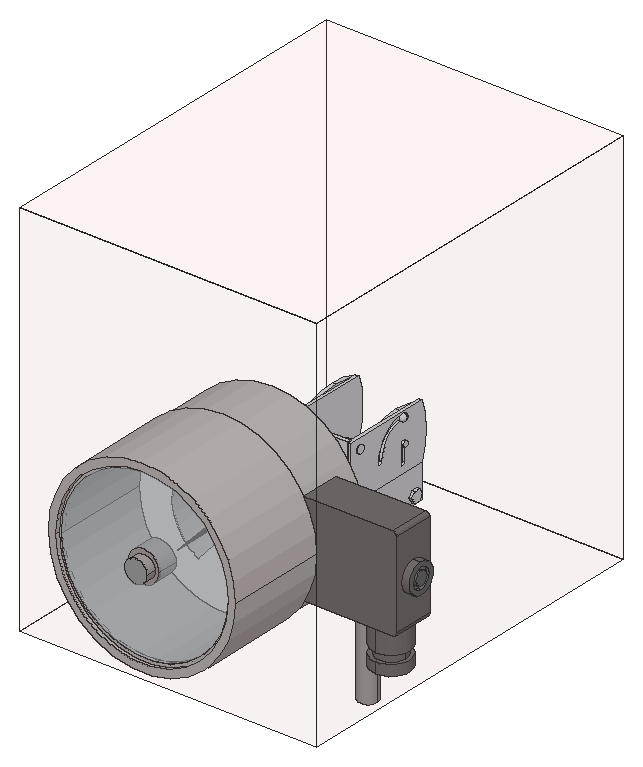
Revit family "РОСМА_ТермометрКоррозионностЭлектроконтПриставкойУниверсПрисоед", category Арматура трубопроводов, Revit 2018
Family settings
  Размер круглого соединителя = Использовать диаметр
  Тип детали = Вставляется
  На основе рабочей плоскости = Нет
  Всегда вертикально = Да
  При загрузке вырезать с полостями = Нет
  Общий = Нет
Parameters (values of type "54")
  лого_задн_стенка = no
  Техническая документация = "ТУ 4211-001-4719015564-2008"  # constant formula
  Температура09 = ‎ : 0...+450°С
  Температура08 = ‎ : 0...+350°С
  Температура07 = ‎ : 0...+300°С
  Температура06 = ‎ : 0...+250°С
  Температура05 = ‎ : 0...+160°С
  Температура04 = ‎ : 0...+120°С
  Температура03 = ‎ : 0...+100°С
  Температура02 = ‎ : 0...+60°С
  Температура01 = ‎ : -30...+50°С
  Счетчик длины [instance] = if(Длина штока = Длина02, 2, if(Длина штока = Длина03, 3, if(Длина штока = Длина04, 4, if(Длина штока = Длина05, 5, if(Длина штока = Длина06, 6, if(Длина штока = Длина07, 7, 8))))))  # 2
  Присоединение [instance] = "Универсальное, \r\nс поворотно-откидным корпусом,\r\nугол поворота до 90°"  # constant formula
  Межповерочный интервал = "3 года"  # constant formula
  Климатическое исполнение = "Группа Д2 по ГОСТ Р 52931; климатическое исполнение УХЛ категории 1.1 по ГОСТ 15150"  # constant formula
  Зона обслуживания [instance] = yes
  Ду [instance] = DN  # 15 mm
  Длина07 = ᅠ : 300мм
  Длина06 = ᅠ : 250мм
  Длина05 = ᅠ : 200мм
  Длина04 = ᅠ : 150мм
  Длина03 = ᅠ : 100мм
  Длина02 = ᅠ : 64мм
  Длина штока [instance] = ᅠ : 64мм
  Диапазон температур [instance] = ‎ : -30...+50°С
  Диапазон раб. температур [instance] = "от -60°С до +60°С"  # constant formula
  b1 = 65 mm
  МетрРезьба [instance] = if(Метрическая резьба, 1, 0)  # 0
  Описание = "Тип БТ, серия 220. Коррозионностойкий термометр с электроконтактной приставкой и универсальным присоединением (поворотно-откидным корпусом) с резьбой на штоке. Биметаллический термометр, устойчивый к воздействию агрессивных измеряемых сред; предназначен для управления внешними электрическими цепями в схемах сигнализации, автоматики и блокировки технологических процессов."  # constant formula
  Метрическая резьба [instance] = not(Дюймовая резьба)  # no
  Код IP = "IP65"  # constant formula
  Класс точности = "1,5"  # constant formula
  Исполнение = 54
  Изготовитель = "ЗАО \"РОСМА\""
  Дюймовая резьба [instance] = yes
  Table = "спец_коррозионностойкий с электроконтактной приставкой (универсальное присоединение)"  # constant formula
  Счетчик списка [instance] = if(Диапазон температур = Температура01, 1, if(Диапазон температур = Температура02, 2, if(Диапазон температур = Температура03, 3, if(Диапазон температур = Температура04, 4, if(Диапазон температур = Температура05, 5, if(Диапазон температур = Температура06, 6, if(Диапазон температур = Температура07, 7, if(Диапазон температур = Температура08, 8, if(Диапазон температур = Температура09, 9, 10)))))))))  # 1
  S1 = 22 mm
  G = 20 mm
  Dполости_переднСт [instance] = D2 - 6 mm  # 93 mm
  Drezba [instance] = if(and(Ду = 15 mm, МетрРезьба = 0), "G1/2", if(and(Ду = 15 mm, МетрРезьба = 1), "M20", "Ошибка"))  # "G1/2"
  DN = 15.00 mm
  Длина стрелки = D2 / 2 - 10 mm  # 39.5 mm
  Группа модели = "Оборудование"
  f = 0 mm
  e = 54 mm
  b-e = b - e  # 33 mm
  b = 87 mm
  URL = "https://rosma.spb.ru/termometers/korrozionnostojkie-s-elektrokontaktnoj-pristavkoj-universalnoe-prisoedinenie/"
  S = 27 mm
  Rg2 = S / 2 + 6 mm  # 19.5 mm
  Rg1 = S / 2 + 2 mm  # 15.5 mm
  R_Logo = 20 mm
  R2 шкала = 35 mm
  R1 шкала = 36 mm
  h_rezba = 15 mm
  L [instance] = if(Длина штока = Длина02, 64 mm, if(Длина штока = Длина03, 100 mm, if(Длина штока = Длина04, 150 mm, if(Длина штока = Длина05, 200 mm, if(Длина штока = Длина06, 250 mm, if(Длина штока = Длина07, 300 mm, 1000 mm))))))  # 64 mm
  L1 = 66 mm
  Dgol = G - 2 mm  # 18 mm
  D3 = 10 mm
  D2 = 99 mm
  D1 = 101 mm
  D = 100 mm
  Copyright = "EPICON"  # constant formula
  C = 43 mm
  Author (e-mail) = "project@epicon.biz"  # constant formula
  ADSK_Примечание [instance] = ""
  ADSK_Позиция [instance] = ""
  ADSK_Наименование [instance] = size_lookup(Table, "ADSK_Наименование", "Нет в каталоге", Счетчик списка, Счетчик длины, Исполнение, МетрРезьба)  # "Термометр БТ-54.220 ЭКП"
  ADSK_Масса_Текст [instance] = size_lookup(Table, "ADSK_Масса_Текст", "Нет в каталоге", Счетчик списка, Счетчик длины, Исполнение, МетрРезьба)  # "1,03"
  ADSK_Марка [instance] = size_lookup(Table, "ADSK_Марка", "Нет в каталоге", Счетчик списка, Счетчик длины, Исполнение, МетрРезьба)  # "БТ-54.220(-30-50С)G1/2.64.1,5 ЭКП5"
  ADSK_Количество = 1  # constant formula
  ADSK_Код изделия [instance] = " "
  ADSK_Завод-изготовитель [instance] = size_lookup(Table, "ADSK_Завод-изготовитель", "Нет в каталоге", Счетчик списка, Счетчик длины, Исполнение, МетрРезьба)  # "ЗАО \"РОСМА\""
  ADSK_Единица измерения = "шт."
Reference planes
  plane 1 "По центру (Вперед/Назад)": y = 0
  plane 2: z = 0
  plane 3 "По центру (Влево/Вправо)": x = 0
  plane 4 "b1": y = 15.6
  plane 5 "f1": y = -15.6
  plane 6: z = 115.5
  plane 7 "Табло": y = -16.6
  plane 8 "sr": x = 11
  plane 9 "sl": x = -11
  plane 10 "sb": y = 13.5
  plane 11 "sf": y = -13.5
  plane 12 "низкорпуса": z = 66
  plane 13: z = -15
  plane 14: z = -64
  plane 15: through (-10.601, -0.638, 1200) normal (0.866, 0.5, 0)
  plane 16: z = 10
  plane 17: z = 15
  plane 18: z = 102
  plane 19: y = -65
  plane 20: z = 31
  plane 21: x = -15
  plane 22: x = 15
  plane 23: y = -45
  plane 24: y = -60
  plane 25: z = 219.5
  plane 26: z = 78.5
  plane 27: y = -156.13
  plane 28: y = 50
  plane 29: x = -62.386
  plane 30: x = 97.419
Forms (mm)
  Extrusion 1, solid, material "По умолчанию", detail levels fine
    sketch origin (0, 0, 66) x (-1, 0, 0) y (0, -1, 0)
      loop
        circle (0, 0) r 10
    from -66 to -81
  Sweep 2, void
    path in 3D
      loop
        arc (-10, 0, -15) -> (0, -10, -15) -> (10, 0, -15) r 10
        arc (10, 0, -15) -> (0, 10, -15) -> (-10, 0, -15) r 10
    profile origin (0, 10, -15) x (0, 1, 0) y (0, 0, -1)
      loop
        line (0, 0) -> (-1.016, 0) -> (0, -1.016) -> (0, 0)
  Sweep 3, void
    path in 3D
      loop
        arc (-10, 0, 0) -> (0, 10, 0) -> (10, 0, 0) r 10
        arc (10, 0, 0) -> (0, -10, 0) -> (-10, 0, 0) r 10
    profile origin (0, -10, 0) x (0, -1, 0) y (0, 0, 1)
      loop
        line (0, 0) -> (-1, 0) -> (-1, -1) -> (0, -2) -> (0, 0)
  Extrusion 4, solid, material "По умолчанию", detail levels fine
    sketch origin (-21.391, -1524, 2) x (-1, 0, 0) y (0, -1, 0)
      loop
        circle (-21.391, -1524) r 5
    from -66 to -2
  Extrusion 5, solid, detail levels fine
    sketch origin (-21.391, -1524, 2) x (-1, 0, 0) y (0, -1, 0)
      loop
        line (-12.891, -1519.093) -> (-21.391, -1514.185) -> (-29.891, -1519.093) -> (-29.891, -1528.907) -> (-21.391, -1533.815) -> (-12.891, -1528.907) -> (-12.891, -1519.093)
    from 8 to 13
  Extrusion 6, solid, detail levels fine
    sketch origin (-21.391, -1524, 23) x (-1, 0, 0) y (0, -1, 0)
      loop
        line (-34.891, -1531.794) -> (-21.391, -1539.588) -> (-7.891, -1531.794) -> (-7.891, -1516.206) -> (-21.391, -1508.412) -> (-34.891, -1516.206) -> (-34.891, -1531.794)
    from -23 to -13
  Extrusion 7, solid, detail levels fine
    sketch origin (-21.391, -1524, 2) x (-1, 0, 0) y (0, -1, 0)
      loop
        line (-15.04, -1535) -> (-8.689, -1524) -> (-15.04, -1513) -> (-27.742, -1513) -> (-34.093, -1524) -> (-27.742, -1535) -> (-15.04, -1535)
    from 8 to 13
  Extrusion 8, solid, detail levels fine
    sketch origin (-21.391, -1524, 2) x (-1, 0, 0) y (0, -1, 0)
      loop
        line (-32.391, -1530.351) -> (-21.391, -1536.702) -> (-10.391, -1530.351) -> (-10.391, -1517.649) -> (-21.391, -1511.298) -> (-32.391, -1517.649) -> (-32.391, -1530.351)
    from 13 to 29
  Extrusion 9, solid, detail levels fine
    sketch origin (0, 0, 0) x (0, 1, 0) y (0, 0, 1)
      loop
        line (15, 31) -> (15, 78.327)
        arc (15, 78.327) -> (7.656, 80.199) -> (0.097, 80.74) r 42.586
        arc (0.097, 80.74) -> (-7.564, 80.183) -> (-15, 78.256) r 42.534
        line (-15, 78.256) -> (-15, 31) -> (15, 31)
    from 15 to 16.886
  Extrusion 10, solid, detail levels fine
    sketch origin (0, -65.4, 66) x (0, 0, -1) y (0, 1, 0)
      loop
        line (14.999, 30.4) -> (14.999, 78.338)
        arc (14.999, 78.338) -> (7.626, 80.394) -> (-0.003, 80.998) r 39.749
        arc (-0.003, 80.998) -> (-7.638, 80.393) -> (-15.015, 78.335) r 39.75
        line (-15.015, 78.335) -> (-15.015, 30.4) -> (14.999, 30.4)
      loop
        arc (-11, 65.4) -> (-12.5, 66.9) -> (-14, 65.4) r 1.5
        arc (-14, 65.4) -> (-9.021, 53.379) -> (3, 48.4) r 17
        arc (3, 48.4) -> (4.5, 49.9) -> (3, 51.4) r 1.5
        arc (3, 51.4) -> (-6.899, 55.501) -> (-11, 65.4) r 14
      loop
        arc (0, 66.9) -> (-1.5, 65.4) -> (0, 63.9) r 1.5
        line (0, 63.9) -> (10, 63.9)
        arc (10, 63.9) -> (11.5, 65.4) -> (10, 66.9) r 1.5
        line (10, 66.9) -> (0, 66.9)
    from 16.886 to 18.661
  Revolve 11, solid, detail levels fine
    sketch origin (-1, 0, -6.362) x (1, 0, 0) y (0, 0, 1)
      loop
        line (19.661, 84.862) -> (21.661, 84.862)
        arc (21.661, 84.862) -> (21.075, 86.276) -> (19.661, 86.862) r 2
        line (19.661, 86.862) -> (19.661, 84.862)
      axis (19.661, 84.862) -> (21.661, 84.862)
    angle from 0 to 360
  Extrusion 12, solid, detail levels fine
    sketch origin (0, 0, 0) x (0, 1, 0) y (0, 0, 1)
      loop
        circle (0, 66) r 1.2
    from 16.886 to 20.351
  Extrusion 13, solid, detail levels fine
    sketch origin (1.418, -66, 66) x (0, 0, 1) y (0, 1, 0)
      loop
        line (15, 31) -> (15, 78.327)
        arc (15, 78.327) -> (7.656, 80.199) -> (0.097, 80.74) r 42.586
        arc (0.097, 80.74) -> (-7.564, 80.183) -> (-15, 78.256) r 42.534
        line (-15, 78.256) -> (-15, 31) -> (15, 31)
    from 16.418 to 18.418
  Extrusion 14, solid, detail levels fine
    sketch origin (1.418, 0, 0.6) x (0, -1, 0) y (0, 0, 1)
      loop
        line (14.999, 30.4) -> (14.999, 78.338)
        arc (14.999, 78.338) -> (7.626, 80.394) -> (-0.003, 80.998) r 39.749
        arc (-0.003, 80.998) -> (-7.638, 80.393) -> (-15.015, 78.335) r 39.75
        line (-15.015, 78.335) -> (-15.015, 30.4) -> (14.999, 30.4)
      loop
        arc (-11, 65.4) -> (-12.5, 66.9) -> (-14, 65.4) r 1.5
        arc (-14, 65.4) -> (-9.021, 53.379) -> (3, 48.4) r 17
        arc (3, 48.4) -> (4.5, 49.9) -> (3, 51.4) r 1.5
        arc (3, 51.4) -> (-6.899, 55.501) -> (-11, 65.4) r 14
      loop
        arc (0, 66.9) -> (-1.5, 65.4) -> (0, 63.9) r 1.5
        line (0, 63.9) -> (10, 63.9)
        arc (10, 63.9) -> (11.5, 65.4) -> (10, 66.9) r 1.5
        line (10, 66.9) -> (0, 66.9)
    from 18.418 to 20.418
  Revolve 15, solid, detail levels fine
    sketch origin (-57.073, -72.362, 66) x (0, 1, 0) y (-1, 0, 0)
      loop
        line (84.862, -38.073) -> (86.862, -38.073)
        arc (86.862, -38.073) -> (86.276, -36.659) -> (84.862, -36.073) r 2
        line (84.862, -36.073) -> (84.862, -38.073)
      axis (84.862, -38.073) -> (84.862, -36.073)
    angle from 0 to 360
  Extrusion 16, solid, detail levels fine
    sketch origin (1.418, -66, 66) x (0, 0, 1) y (0, 1, 0)
      loop
        circle (0, 66) r 1.2
    from 18.418 to 22.425
  Extrusion 17, solid, detail levels fine
    sketch origin (0, 0, 0) x (0, 1, 0) y (0, 0, 1)
      loop
        line (-27.804, 73.015) -> (-26.072, 76.015) -> (-27.804, 79.015) -> (-31.268, 79.015) -> (-33, 76.015) -> (-31.268, 73.015) -> (-27.804, 73.015)
    from -19.759 to -17
  Extrusion 18, solid, detail levels fine
    sketch origin (0, 0, 0) x (0, 1, 0) y (0, 0, 1)
      loop
        circle (-29.536, 76.015) r 2
    from -15 to 19.635
  Extrusion 19, solid, detail levels fine
    sketch origin (0, 39.086, -40.015) x (0, 1, 0) y (0, 0, 1)
      loop
        line (-27.804, 73.015) -> (-26.072, 76.015) -> (-27.804, 79.015) -> (-31.268, 79.015) -> (-33, 76.015) -> (-31.268, 73.015) -> (-27.804, 73.015)
    from 16.886 to 18.661
  Extrusion 20, solid, detail levels fine
    sketch origin (0, 39.086, -40.015) x (0, 1, 0) y (0, 0, 1)
      loop
        circle (-29.536, 76.015) r 2
    from -20.279 to 15
  Extrusion 21, solid, detail levels fine
    sketch origin (-21.391, -1524, 2) x (-1, 0, 0) y (0, -1, 0)
      loop
        line (-4.391, -1539.015) -> (-4.391, -1509.001) -> (-36.391, -1509.001) -> (-36.391, -1539) -> (-29.053, -1539) -> (-29.053, -1514.5) -> (-13.606, -1514.5) -> (-13.606, -1539.015) -> (-4.391, -1539.015)
    from 29 to 31
  Extrusion 22, solid, detail levels fine
    sketch origin (0, -16.6, 0) x (-1, 0, 0) y (0, 0, 1)
      loop
        line (15, 81) -> (7.785, 81) -> (7.785, 58.015) -> (-7.662, 58.015) -> (-7.662, 81.015) -> (-17, 81.015) -> (-17, 51) -> (15, 51) -> (15, 81)
    from -18.4 to -16.4
  Sweep 23, solid, detail levels fine
    path origin (0, 0, 0) x (0, 1, 0) y (0, 0, 1)
      loop
        arc (-35, 66) -> (-10.251, 55.749) -> (0, 31) r 35
    profile origin (0, -10.251, 55.749) x (0, 0.707107, 0.707107) y (1, 0, 0)
      loop
        circle (0, 0) r 7.5
  Extrusion 24, solid, detail levels fine
    sketch origin (0, -16.6, 0) x (-1, 0, 0) y (0, 0, 1)
      loop
        line (-11, 59.649) -> (0, 53.298) -> (11, 59.649) -> (11, 72.351) -> (0, 78.702) -> (-11, 72.351) -> (-11, 59.649)
    from -28.4 to -18.4
  Extrusion 25, solid, detail levels fine
    sketch origin (0, -16.6, 0) x (-1, 0, 0) y (0, 0, 1)
      loop
        line (-7.794, 79.5) -> (-15.588, 66) -> (-7.794, 52.5) -> (7.794, 52.5) -> (15.588, 66) -> (7.794, 79.5) -> (-7.794, 79.5)
    from -43.4 to -28.4
  Extrusion 26, solid, detail levels fine
    sketch origin (0, -16.6, 0) x (-1, 0, 0) y (0, 0, 1)
      loop
        circle (0, 66) r 11
    from -48.4 to -43.4
  Sweep 27, void
    path origin (-21.391, -1524, 10) x (-1, 0, 0) y (0, -1, 0)
      loop
        circle (-21.391, -1524) r 13.5
    profile origin (0, -13.5, 10) x (0, 1, 0) y (0, 0, 1)
      loop
        line (0, 0) -> (-2.1, 0) -> (-2.1, -1.212) -> (0, 0)
  Sweep 28, void
    path origin (-21.391, -1524, 15) x (-1, 0, 0) y (0, -1, 0)
      loop
        circle (-21.391, -1524) r 11
    profile origin (0, -11, 15) x (0, 1, 0) y (0, 0, 1)
      loop
        line (-1.702, -0.982) -> (0, 0) -> (-1.702, 0) -> (-1.702, -0.982)
  Sweep 29, void
    path origin (-21.391, -1524, 10) x (-1, 0, 0) y (0, -1, 0)
      loop
        circle (-21.391, -1524) r 11
    profile origin (0, -11, 10) x (0, 1, 0) y (0, 0, 1)
      loop
        line (-1.702, 0.982) -> (-1.702, 0) -> (0, 0) -> (-1.702, 0.982)
  Sweep 30, void
    path origin (-21.391, -1524, 15) x (-1, 0, 0) y (0, -1, 0)
      loop
        circle (-21.391, -1524) r 11
    profile origin (0, -11, 15) x (0, 1, 0) y (0, 0, 1)
      loop
        line (-1.702, 0.982) -> (-1.702, 0) -> (0, 0) -> (-1.702, 0.982)
  Sweep 31, void
    path origin (-21.391, -1524, 31) x (-1, 0, 0) y (0, -1, 0)
      loop
        circle (-21.391, -1524) r 11
    profile origin (0, -11, 31) x (0, 1, 0) y (0, 0, 1)
      loop
        line (-1.702, -0.982) -> (0, 0) -> (-1.702, 0) -> (-1.702, -0.982)
  Extrusion 32, solid, material "_Зона обслуживания", visible <- "Зона обслуживания", detail levels fine
    sketch origin (0, 0, 0) x (0, 1, 0) y (0, 0, 1)
      loop
        line (-156.13, 219.5) -> (-156.13, 15) -> (50, 15) -> (50, 219.5) -> (-156.13, 219.5)
    from -62.386 to 97.419
Cuts and joins
  Sweep 2, Sweep 3 cuts Extrusion 1
  Sweep 27, Sweep 28, Sweep 29, Sweep 30 cuts Extrusion 6
  Sweep 28, Sweep 29 cuts Extrusion 7
  Sweep 30, Sweep 31 cuts Extrusion 8
Lines and regions (mm)
  sketch lines
    curve 1: arc (10, 0, -15) -> (0, 10, -15) -> (-10, 0, -15) r 10
    curve 2: arc (-10, 0, -15) -> (0, -10, -15) -> (10, 0, -15) r 10
    curve 3: arc (10, 0, 0) -> (0, -10, 0) -> (-10, 0, 0) r 10
    curve 4: arc (-10, 0, 0) -> (0, 10, 0) -> (10, 0, 0) r 10
  reference lines
    curve 5: line (-4, -16.6, 25.228) -> (-18.737, -16.6, 25.228)
Dimensions and locks
  plane 1 "По центру (Вперед/Назад)" to plane 5 "f1" = 15.6 mm
  plane 4 "b1" to plane 1 "По центру (Вперед/Назад)" = 15.6 mm
  locked: plane 5 "f1" to plane 7 "Табло" at 1
  plane 3 "По центру (Влево/Вправо)" to plane 8 "sr" = 11 mm
  plane 9 "sl" to plane 3 "По центру (Влево/Вправо)" = 11 mm
  "L1": plane 12 "низкорпуса" to plane 2
  equal spacing: plane 10 "sb", plane 1 "По центру (Вперед/Назад)", plane 11 "sf"
  equal spacing: plane 9 "sl", plane 3 "По центру (Влево/Вправо)", plane 8 "sr"
  "S1": plane 9 "sl" to plane 8 "sr"
  "S": plane 10 "sb" to plane 11 "sf"
  "h_rezba": plane 2 to plane 13
  "L": plane 2 to plane 14
  plane 16 to plane 2 = 10 mm
  plane 17 to plane 16 = 5 mm
  "b1": plane 1 "По центру (Вперед/Назад)" to plane 19
  plane 12 "низкорпуса" to plane 20 = 35 mm
  Extrusion 10 sketch curve to plane 12 "низкорпуса" to Extrusion 10 sketch curve = 14.999 mm, 15.015 mm
  Extrusion 9 sketch curve to plane 1 "По центру (Вперед/Назад)" = 15 mm
  plane 1 "По центру (Вперед/Назад)" to Extrusion 9 sketch curve = 15 mm
  Extrusion 14 sketch curve to Extrusion 14 sketch curve = 30.014 mm
  equal spacing: plane 21, plane 3 "По центру (Влево/Вправо)", plane 22
  plane 21 to plane 22 = 30 mm
  plane 21 to plane 3 "По центру (Влево/Вправо)" = 15 mm
  Extrusion 13 to plane 23 to plane 24 to plane 19 = 10 mm, 15 mm, 5 mm
  locked: plane 25 to plane 26 at 141
  locked: plane 1 "По центру (Вперед/Назад)" to plane 28 at 50
  "G": radius of Extrusion 1 sketch curve
  "D3": radius of Extrusion 4 sketch curve
  aligned and locked: level to plane 2
  aligned and locked: cut or joined group of Extrusion 1, Sweep 2, Sweep 3 to plane 13
  aligned and locked: plane 2 to cut or joined group of Extrusion 1, Sweep 2, Sweep 3
  aligned and locked: Extrusion 4 to plane 14
  aligned and locked: plane 2 to Extrusion 4
  aligned and locked: plane 17 to Extrusion 5
  aligned and locked: Extrusion 5 to plane 16
  aligned and locked: Extrusion 6 to plane 2
  aligned and locked: plane 16 to Extrusion 6
  aligned and locked: Extrusion 7 to plane 16
  aligned and locked: plane 17 to Extrusion 7
  aligned and locked: Extrusion 8 to plane 17
  aligned and locked: plane 20 to Extrusion 8
  aligned and locked: Extrusion 24 to plane 23
  aligned and locked: plane 23 to Extrusion 25
  aligned and locked: Extrusion 25 to plane 24
  aligned and locked: plane 24 to Extrusion 26
  aligned and locked: Extrusion 26 to plane 19
  aligned and locked: plane 3 "По центру (Влево/Вправо)" to nested 1
  aligned and locked: plane 12 "низкорпуса" to nested 1
  aligned and locked: plane 19 to nested 1
  aligned and locked: plane 25 to Extrusion 32 sketch curve
  aligned and locked: plane 17 to Extrusion 32 sketch curve
  aligned and locked: Extrusion 32 to plane 28
  aligned and locked: plane 3 "По центру (Влево/Вправо)" to nested 2
  aligned and locked: plane 1 "По центру (Вперед/Назад)" to nested 2
Automatic sketch dimensions
  plane 1 "По центру (Вперед/Назад)" to Extrusion 1 sketch curve = 0 mm
  Extrusion 1 sketch curve to plane 3 "По центру (Влево/Вправо)" = 0 mm
  profile plane to Sweep 2 sketch curve = 0 mm
  Sweep 2 sketch curve to profile plane = 0 mm
  profile plane to Sweep 2 sketch curve = 1.016 mm
  Sweep 2 sketch curve to Sweep 2 sketch curve = 1.016 mm
  curve 5 to plane 3 "По центру (Влево/Вправо)" = 4 mm
  curve 5 to plane 20 = 5.772 mm
  plane 21 to curve 5 = 3.737 mm
  Sweep 3 sketch curve to profile plane = 0 mm  (x2)
  profile plane to Sweep 3 sketch curve = 1 mm
  Sweep 3 sketch curve to profile plane = 1 mm
  Sweep 3 sketch curve to Sweep 3 sketch curve = 1 mm
  plane 1 "По центру (Вперед/Назад)" to Extrusion 4 sketch curve = 0 mm
  Extrusion 4 sketch curve to plane 3 "По центру (Влево/Вправо)" = 0 mm
  Extrusion 9 sketch curve to plane 20 = 0 mm
  plane 1 "По центру (Вперед/Назад)" to Extrusion 9 sketch curve = 0.661 mm
  Extrusion 9 sketch curve to plane 1 "По центру (Вперед/Назад)" = 0.851 mm
  plane 20 to Extrusion 9 sketch curve = 7.161 mm
  Extrusion 9 sketch curve to Extrusion 9 sketch curve = 0.052 mm
  plane 12 "низкорпуса" to Extrusion 9 sketch curve = 12.256 mm
  Extrusion 9 sketch curve to Extrusion 9 sketch curve = 0.071 mm
  Extrusion 10 sketch curve to Extrusion 10 sketch curve = 0 mm  (x5)
  Extrusion 10 sketch curve to plane 1 "По центру (Вперед/Назад)" = 0 mm  (x2)
  Extrusion 10 sketch curve to plane 12 "низкорпуса" = 0 mm
  Extrusion 10 sketch curve to Extrusion 10 sketch curve = 12.5 mm
  plane 12 "низкорпуса" to Extrusion 10 sketch curve = 0.695 mm
  Extrusion 10 sketch curve to plane 12 "низкорпуса" = 0.688 mm
  Extrusion 10 sketch curve to plane 12 "низкорпуса" = 3 mm
  Extrusion 10 sketch curve to Extrusion 10 sketch curve = 7 mm
  plane 1 "По центру (Вперед/Назад)" to Extrusion 10 sketch curve = 1.5 mm
  plane 5 "f1" to Extrusion 10 sketch curve = 0.1 mm
  Extrusion 10 sketch curve to plane 7 "Табло" = 7.545 mm
  Extrusion 10 sketch curve to Extrusion 10 sketch curve = 0.001 mm
  plane 23 to Extrusion 10 sketch curve = 10 mm
  Extrusion 10 sketch curve to plane 10 "sb" = 0.565 mm
  Extrusion 10 sketch curve to Extrusion 10 sketch curve = 11.438 mm
  Extrusion 10 sketch curve to Extrusion 10 sketch curve = 1.5 mm
  Revolve 11 sketch curve to plane 22 = 3.661 mm
  Revolve 11 sketch curve to Revolve 11 sketch curve = 2 mm
  plane 12 "низкорпуса" to Revolve 11 sketch curve = 12.5 mm  (x2)
  plane 3 "По центру (Влево/Вправо)" to Revolve 11 sketch curve = 2.951 mm
  Revolve 11 sketch curve to plane 3 "По центру (Влево/Вправо)" = 1 mm
  Extrusion 12 sketch curve to plane 1 "По центру (Вперед/Назад)" = 0 mm
  Extrusion 12 sketch curve to plane 12 "низкорпуса" = 0 mm
  Extrusion 13 sketch curve to plane 12 "низкорпуса" = 15 mm
  Extrusion 13 sketch curve to plane 12 "низкорпуса" = 0.661 mm
  plane 12 "низкорпуса" to Extrusion 13 sketch curve = 0.851 mm
  plane 12 "низкорпуса" to Extrusion 13 sketch curve = 15 mm
  plane 23 to Extrusion 13 sketch curve = 10 mm
  Extrusion 13 sketch curve to plane 7 "Табло" = 11.239 mm
  Extrusion 13 sketch curve to Extrusion 13 sketch curve = 0.052 mm
  Extrusion 13 sketch curve to plane 10 "sb" = 1.244 mm
  Extrusion 13 sketch curve to plane 1 "По центру (Вперед/Назад)" = 12.327 mm
  Extrusion 14 sketch curve to Extrusion 14 sketch curve = 0 mm  (x5)
  Extrusion 14 sketch curve to plane 20 = 0 mm
  Extrusion 14 sketch curve to plane 12 "низкорпуса" = 0 mm  (x2)
  Extrusion 14 sketch curve to plane 1 "По центру (Вперед/Назад)" = 0 mm
  Extrusion 14 sketch curve to plane 1 "По центру (Вперед/Назад)" = 0.695 mm
  Extrusion 14 sketch curve to plane 10 "sb" = 1 mm
  Extrusion 14 sketch curve to plane 4 "b1" = 0.585 mm
  plane 1 "По центру (Вперед/Назад)" to Extrusion 14 sketch curve = 0.688 mm
  plane 1 "По центру (Вперед/Назад)" to Extrusion 14 sketch curve = 3 mm
  plane 11 "sf" to Extrusion 14 sketch curve = 3.5 mm
  plane 20 to Extrusion 14 sketch curve = 10.853 mm
  Extrusion 14 sketch curve to Extrusion 14 sketch curve = 0.001 mm
  Extrusion 14 sketch curve to Extrusion 14 sketch curve = 8.645 mm
  Extrusion 14 sketch curve to plane 12 "низкорпуса" = 1.5 mm
  plane 12 "низкорпуса" to Extrusion 14 sketch curve = 12.935 mm
  Extrusion 14 sketch curve to Extrusion 14 sketch curve = 11.438 mm
  Extrusion 14 sketch curve to Extrusion 14 sketch curve = 1.5 mm
  Revolve 15 sketch curve to plane 10 "sb" = 1 mm  (x2)
  plane 10 "sb" to Revolve 15 sketch curve = 1 mm
  plane 21 to Revolve 15 sketch curve = 4 mm
  Revolve 15 sketch curve to Revolve 15 sketch curve = 36.073 mm
  Revolve 15 sketch curve to Revolve 15 sketch curve = 3.951 mm
  Extrusion 16 sketch curve to plane 1 "По центру (Вперед/Назад)" = 0 mm
  Extrusion 16 sketch curve to plane 12 "низкорпуса" = 0 mm
  Extrusion 18 sketch curve to plane 7 "Табло" = 12.936 mm
  plane 12 "низкорпуса" to Extrusion 18 sketch curve = 10.015 mm
  Extrusion 19 sketch curve to plane 1 "По центру (Вперед/Назад)" = 6.086 mm
  plane 20 to Extrusion 19 sketch curve = 2 mm
  Extrusion 19 sketch curve to Extrusion 19 sketch curve = 1.732 mm  (x2)
  Extrusion 19 sketch curve to plane 10 "sb" = 2.217 mm  (x2)
  Extrusion 19 sketch curve to plane 10 "sb" = 0.485 mm
  Extrusion 19 sketch curve to Extrusion 19 sketch curve = 3 mm  (x3)
  Extrusion 20 sketch curve to plane 10 "sb" = 3.949 mm
  plane 20 to Extrusion 20 sketch curve = 5 mm
  Extrusion 21 sketch curve to plane 22 = 0 mm
  Extrusion 21 sketch curve to plane 8 "sr" = 3.338 mm
  plane 9 "sl" to Extrusion 21 sketch curve = 3.215 mm
  plane 5 "f1" to Extrusion 21 sketch curve = 0.601 mm
  plane 21 to Extrusion 21 sketch curve = 2 mm
  plane 11 "sf" to Extrusion 21 sketch curve = 4 mm
  Extrusion 21 sketch curve to plane 4 "b1" = 0.6 mm
  Extrusion 21 sketch curve to plane 4 "b1" = 0.585 mm
  plane 21 to Extrusion 22 sketch curve = 0 mm
  plane 9 "sl" to Extrusion 22 sketch curve = 3.215 mm
  Extrusion 22 sketch curve to plane 8 "sr" = 3.338 mm
  Extrusion 22 sketch curve to plane 22 = 2 mm
  Extrusion 22 sketch curve to plane 12 "низкорпуса" = 15 mm
  Extrusion 22 sketch curve to plane 12 "низкорпуса" = 7.985 mm
  plane 12 "низкорпуса" to Extrusion 22 sketch curve = 15 mm
  plane 12 "низкорпуса" to Extrusion 22 sketch curve = 15.015 mm
  Sweep 23 sketch curve to plane 12 "низкорпуса" = 0 mm
  Sweep 23 sketch curve to plane 20 = 0 mm
  Sweep 23 sketch curve to plane 1 "По центру (Вперед/Назад)" = 0 mm
  Sweep 23 sketch curve to plane 3 "По центру (Влево/Вправо)" = 0 mm
  Sweep 23 sketch curve to profile plane = 0 mm
  Extrusion 26 sketch curve to plane 3 "По центру (Влево/Вправо)" = 0 mm
  Extrusion 26 sketch curve to plane 12 "низкорпуса" = 0 mm
  plane 1 "По центру (Вперед/Назад)" to Sweep 27 sketch curve = 0 mm
  Sweep 27 sketch curve to plane 3 "По центру (Влево/Вправо)" = 0 mm
  Sweep 27 sketch curve to profile plane = 0 mm  (x2)
  profile plane to Sweep 27 sketch curve = 2.1 mm
  Sweep 27 sketch curve to profile plane = 1.212 mm
  plane 1 "По центру (Вперед/Назад)" to Sweep 28 sketch curve = 0 mm
  Sweep 28 sketch curve to plane 3 "По центру (Влево/Вправо)" = 0 mm
  Sweep 28 sketch curve to profile plane = 0 mm  (x2)
  profile plane to Sweep 28 sketch curve = 1.702 mm
  Sweep 28 sketch curve to profile plane = 0.982 mm
  plane 1 "По центру (Вперед/Назад)" to Sweep 29 sketch curve = 0 mm
  Sweep 29 sketch curve to plane 3 "По центру (Влево/Вправо)" = 0 mm
  Sweep 29 sketch curve to profile plane = 0 mm  (x2)
  profile plane to Sweep 29 sketch curve = 1.702 mm
  profile plane to Sweep 29 sketch curve = 0.982 mm
  plane 1 "По центру (Вперед/Назад)" to Sweep 30 sketch curve = 0 mm
  Sweep 30 sketch curve to plane 3 "По центру (Влево/Вправо)" = 0 mm
  Sweep 30 sketch curve to profile plane = 0 mm  (x2)
  profile plane to Sweep 30 sketch curve = 1.702 mm
  profile plane to Sweep 30 sketch curve = 0.982 mm
  plane 1 "По центру (Вперед/Назад)" to Sweep 31 sketch curve = 0 mm
  Sweep 31 sketch curve to plane 3 "По центру (Влево/Вправо)" = 0 mm
  Sweep 31 sketch curve to profile plane = 0 mm  (x2)
  profile plane to Sweep 31 sketch curve = 1.702 mm
  Sweep 31 sketch curve to profile plane = 0.982 mm
  Extrusion 32 sketch curve to plane 28 = 0 mm
  Extrusion 32 sketch curve to plane 27 = 0 mm
  radius of Extrusion 12 sketch curve = 1.2 mm
  radius of Extrusion 16 sketch curve = 1.2 mm
  radius of Extrusion 18 sketch curve = 2 mm
  radius of Extrusion 20 sketch curve = 2 mm
  radius of Sweep 23 sketch curve = 7.5 mm
  radius of Extrusion 26 sketch curve = 11 mm
  radius of Sweep 27 sketch curve = 13.5 mm
  radius of Sweep 28 sketch curve = 11 mm
  radius of Sweep 29 sketch curve = 11 mm
  radius of Sweep 30 sketch curve = 11 mm
  radius of Sweep 31 sketch curve = 11 mm
Nested families
  nested 1: "Корпус термометраКоррозионностойкого_с_эл._приставкой" at (0, -81.5, 66), Dполости_переднСт <- "Dполости_переднСт", R2_шкала <- "R2 шкала", R1_шкала <- "R1 шкала", D1 <- "D1", D2 <- "D2", R_лого <- "R_Logo", b-е <- "b-e", e <- "e", type ""
    with расст до электрочасти 37 mm, Угол раскрытия 0.00°, ОтверстиеШкала 27.246 mm, Длина стрелки3 25 mm, Длина стрелки2 15 mm, Длина стрелки 30.558 mm, Диаметр полости 90 mm, e 54 mm, b-е 33 mm, a электрочасти 56 mm, R_лого 20 mm, R2_шкала 35 mm, R1_шкала 36 mm, N2_шкала 0, N1_шкала 0, Dполости_переднСт 93 mm, D2 99 mm, D1 101 mm
  nested 2: "DAA_УГО_ТермометрПоказывающий_ГОСТ21.208-2013" at (0, 0, 0), type "DAA_УГО_ТермометрПоказывающий_ГОСТ21.208-2013"
Connectors
  piping at (0, 0, 0), diameter 15, driven by "DN"
    settings: on Extrusion 4, index 1, connector inside diameter 609.6 mm, connector length 0 mm, flow factor 0, pipe flow 0.0 L/s, pressure drop 0 MPa, fitting loss kfactor 0, connector angle 0.00°, fixture units 0, engagement length 0 mm, angle of deflection 0.00°, flow configuration 0, flow direction 0, fitting loss method 0, system type 7, joint type 0, gender type 0, connector reference index -1, connector utility 0, adjustable connector no, is connector primary yes, connector description ""
Definition of nested family "Корпус термометраКоррозионностойкого_с_эл._приставкой"
  Parameters (values of type "серия 10")
    расст до электрочасти [instance] = 33.962 mm
    блокировка = 16.236 mm
    блок = 0 mm
    ЭЛ_a1 = 12 mm
    Угол раскрытия [instance] = 0.00°
    ОтверстиеШкала [instance] = 27.246 mm
    Description = ""
    Материал эл. приставки [instance] = none
    Материал корпуса [instance] = none
    Manufacturer = ""
    Длина стрелки3 [instance] = 25 mm
    Длина стрелки2 [instance] = 15 mm
    Длина стрелки [instance] = 30.558 mm
    Диаметр полости [instance] = 90 mm
    Model = "Оборудование"
    e [instance] = 54 mm
    ddd = 16.719 mm
    b-е [instance] = 34 mm
    a электрочасти [instance] = 42.222 mm
    URL = ""
    R_лого [instance] = 21.217 mm
    N2_шкала [instance] = 0
    N1_шкала [instance] = 0
    Dполости_переднСт [instance] = 90 mm
    D2 [instance] = 99 mm
    D1 [instance] = 101 mm
    Copyright = "ЭПИКОН"  # constant formula
    Author (e-mail) = "https://epicon.biz"  # constant formula
    R2_шкала [instance] = 80 mm
    R1_шкала [instance] = 60 mm
  Reference planes
    plane 1 "По центру (Вперед/Назад)": y = 0
    plane 2: z = 0
    plane 3 "По центру (Влево/Вправо)": x = 0
    plane 4 "задняя стенка": y = 17
    plane 5 "f2": y = -71
    plane 6 "f1": y = -17
    plane 7 "стекло": y = -69
    plane 8 "Табло": y = -18
    plane 9 "sr": x = 6
    plane 10 "sl": x = -6
    plane 11 "sb": y = 11
    plane 12 "sf": y = -11
    plane 13: z = -49
    plane 14: through (-2.116, -1524, -0.789) normal (0.7071, 0, 0.7071)
    plane 15: through (0, -1524, 0) normal (0.7071, 0, -0.7071)
    plane 16: through (-25.815, -1524, -20.305) normal (0.7071, 0, 0.7071)
    plane 17: y = 15.6
    plane 18 "толщина стрелки": y = -18
    plane 19: y = -70.6
    plane 20: y = -68.6
    plane 21: z = -36.954
    plane 22: through (-0.003, -1524, -0.001) normal (0.7071, 0, -0.7071)
    plane 23: x = 33.962
    plane 24: x = 76.183
    plane 25: z = 25.228
    plane 26: z = -25.228
    plane 27: y = -16
    plane 28: z = -47.437
    plane 29: x = 80.602
    plane 30: z = -37.266
    plane 31: z = -41.803
    plane 32: x = 64.304
    plane 33: y = -5
    plane 34: y = 6
    plane 35: x = 78.602
  Forms (mm)
    Extrusion 1, void
      sketch origin (-603.868, 0, -179.968) x (1, 0, 0) y (0, 0, 1)
        loop
          circle (603.868, 179.968) r 45
      from 17 to 69
    Extrusion 2, solid, detail levels fine
      sketch origin (-355.068, -69, -174.854) x (-1, 0, 0) y (0, 0, 1)
        loop
          circle (-355.068, 174.854) r 45
      from 0 to 2
    Extrusion 3, solid, material <- "Материал корпуса", detail levels fine
      sketch origin (-402.089, 0, -169.881) x (1, 0, 0) y (0, 0, 1)
        loop
          circle (402.089, 169.881) r 50.5
      from 17 to 71
    Extrusion 4, solid, material <- "Материал корпуса", detail levels fine
      sketch origin (-312.609, 0, -285.527) x (1, 0, 0) y (0, 0, 1)
        loop
          circle (312.609, 285.527) r 49.5
      from -17 to 17
    Extrusion 5, solid
      sketch origin (0, -18, 0) x (-1, 0, 0) y (0, 0, 1)
        loop
          line (23.06, -23.06) -> (2.291, -0.614) -> (1.452, -1.452) -> (23.06, -23.06)
      from 0 to 1
    Extrusion 6, solid
      sketch origin (0, -18, 0) x (0, 0, -1) y (-1, 0, 0)
        loop
          line (23.06, 23.06) -> (1.452, 1.452) -> (2.291, 0.614) -> (23.06, 23.06)
      from 0 to 1
    Extrusion 7, void
      sketch origin (0, -18, 0) x (-1, 0, 0) y (0, 0, 1)
        loop
          circle (0, 0) r 45
      from -53 to -51
    Extrusion 8, solid, detail levels fine
      sketch origin (-55.686, -16.6, -0.001) x (-1, 0, 0) y (0, 0, 1)
        loop
          arc (-56.075, 2.339) -> (-58.877, 6.819) -> (-59.807, 12.021) r 13.923
          arc (-59.807, 12.021) -> (-65.373, 9.716) -> (-67.678, 4.15) r 7.871
          arc (-67.678, 4.15) -> (-62.461, 3.301) -> (-58.013, 0.444) r 12.998
          arc (-58.013, 0.444) -> (-54.026, -1.695) -> (-56.075, 2.339) r 2.371
      from 0 to -0.4
    Extrusion 9, solid
      sketch origin (0, -18, 0) x (-1, 0, 0) y (0, 0, 1)
        loop
          circle (0, 0) r 6
      from -57.13 to -40.993
    Sweep 10, solid
      path origin (5.101, 0, 5.101) x (0, 1, 0) y (0.707107, 0, 0.707107)
        loop
          line (-3.997, -7.213) -> (-3.997, 7.787) -> (-19.493, 7.787) -> (-19.493, 32.787)
      profile origin (5.303, -3.997, 5.303) x (0, -1, 0) y (0.707107, 0, -0.707107)
        loop
          line (-0.528, -1.297) -> (0.714, -1.297) -> (0.714, 1.297) -> (-0.528, 1.297) -> (-0.528, -1.297)
    Extrusion 11, solid
      sketch origin (-355.068, -69, -174.854) x (1, 0, 0) y (0, 0, 1)
        loop
          circle (355.068, 174.854) r 8.359
      from -10.007 to 1
    Extrusion 12, solid, material <- "Материал эл. приставки"
      sketch origin (0, -18, 0) x (-1, 0, 0) y (0, 0, 1)
        loop
          line (-35.962, 25.228) -> (-74.183, 25.228)
          arc (-74.183, 25.228) -> (-75.598, 24.643) -> (-76.183, 23.228) r 2
          line (-76.183, 23.228) -> (-76.183, -23.228)
          arc (-76.183, -23.228) -> (-75.598, -24.643) -> (-74.183, -25.228) r 2
          line (-74.183, -25.228) -> (-35.962, -25.228)
          arc (-35.962, -25.228) -> (-34.548, -24.643) -> (-33.962, -23.228) r 2
          line (-33.962, -23.228) -> (-33.962, 23.228)
          arc (-33.962, 23.228) -> (-34.548, 24.643) -> (-35.962, 25.228) r 2
      from 2 to 24
    Extrusion 13, void
      sketch origin (0, -18, 0) x (-1, 0, 0) y (0, 0, 1)
        loop
          arc (12.856, -24.022) -> (0, 27.246) -> (-12.856, -24.022) r 27.246
          line (-12.856, -24.022) -> (-4.908, -14.879) -> (-4.908, 1.108)
          arc (-4.908, 1.108) -> (0, 6.016) -> (4.908, 1.108) r 4.908
          line (4.908, 1.108) -> (4.908, -14.879) -> (12.856, -24.022)
      from 1 to 18
    Sweep 14, solid
      path origin (-5.101, 0, 5.101) x (0, 1, 0) y (0.707107, 0, -0.707107)
        loop
          line (-3.997, 7.213) -> (-3.997, -7.787) -> (-19.493, -7.787) -> (-19.493, -32.787)
      profile origin (-5.303, -3.997, 5.303) x (0, 1, 0) y (-0.707107, 0, -0.707107)
        loop
          line (0.528, -1.297) -> (0.528, 1.297) -> (-0.714, 1.297) -> (-0.714, -1.297) -> (0.528, -1.297)
    Extrusion 15, solid, material <- "Материал эл. приставки"
      sketch origin (74.183, -18, -25.228) x (0, 1, 0) y (1, 0, 0)
        loop
          circle (13, -9.88) r 10
      from 0 to 22.209
    Extrusion 16, solid, material <- "Материал эл. приставки"
      sketch origin (76.183, -18, 23.228) x (0, 0, -1) y (0, 1, 0)
        loop
          circle (23.228, 13) r 8.027
      from 0 to 4.419
    Extrusion 17, void
      sketch origin (53.224, -1524, -47.437) x (-1, 0, 0) y (0, -1, 0)
        loop
          circle (-11.079, -1519) r 10
        loop
          circle (-11.079, -1519) r 7.773
      from 5.634 to 10.171
    Extrusion 18, void
      sketch origin (80.602, -18, 23.228) x (0, 0, -1) y (0, 1, 0)
        loop
          circle (23.228, 13) r 5.5
        loop
          circle (23.228, 13) r 3.5
      from 0 to -2
  Cuts and joins
    Extrusion 1, Extrusion 7 cuts Extrusion 3
    Extrusion 7, Extrusion 13 cuts Extrusion 4
    Extrusion 7, Extrusion 13 cuts Extrusion 5
    Extrusion 7 cuts Extrusion 6
    Extrusion 13 cuts Extrusion 8
    Extrusion 13 cuts Extrusion 9
    Extrusion 17 cuts Extrusion 15
    Extrusion 18 cuts Extrusion 16
  Lines and regions (mm)
    model lines
      curve 1: line (97.62, 17, 6.514) -> (97.62, 17, 2.045)
      curve 2: line (97.62, 17, 2.045) -> (96.54, 17, 2.045)
      curve 3: line (96.54, 17, 2.045) -> (96.54, 17, 3.335)
      curve 4: line (96.54, 17, 3.335) -> (95.49, 17, 3.335)
      curve 5: line (95.712, 17, 6.514) -> (97.62, 17, 6.514)
      curve 6: arc (95.712, 17, 6.514) -> (94.35, 17, 5.012) -> (95.49, 17, 3.335) r 1.639
      curve 7: line (95.834, 17, 5.755) -> (96.697, 17, 5.755)
      curve 8: line (96.697, 17, 5.755) -> (96.697, 17, 4.198)
      curve 9: line (96.697, 17, 4.198) -> (95.834, 17, 4.198)
      curve 10: arc (95.834, 17, 5.755) -> (95.056, 17, 4.977) -> (95.834, 17, 4.198) r 0.779
      curve 11: circle (91.712, 17, 4.198) r 2.25 normal (0, -1, 0)
      curve 12: circle (91.712, 17, 4.198) r 1.301 normal (0, -1, 0)
      curve 13: arc (85.593, 17, 5.171) -> (87.99, 17, 4.265) -> (85.603, 17, 3.335) r 1.372
      curve 14: arc (84.964, 17, 2.754) -> (88.939, 17, 4.277) -> (84.964, 17, 5.801) r 2.28
      curve 15: line (84.964, 17, 5.801) -> (85.593, 17, 5.171)
      curve 16: line (85.603, 17, 3.335) -> (84.964, 17, 2.754)
      curve 17: line (84.167, 17, 2.029) -> (84.167, 17, 6.597)
      curve 18: line (84.167, 17, 6.597) -> (83.045, 17, 6.597)
      curve 19: line (83.045, 17, 6.597) -> (81.77, 17, 3.983)
      curve 20: line (81.77, 17, 3.983) -> (80.438, 17, 6.597)
      curve 21: line (80.438, 17, 6.597) -> (79.394, 17, 6.597)
      curve 22: line (79.394, 17, 6.597) -> (79.394, 17, 2.029)
      curve 23: line (79.394, 17, 2.029) -> (80.365, 17, 2.029)
      curve 24: line (80.365, 17, 2.029) -> (80.365, 17, 4.099)
      curve 25: line (80.365, 17, 4.099) -> (81.305, 17, 2.595)
      curve 26: line (81.305, 17, 2.595) -> (82.194, 17, 2.595)
      curve 27: line (82.194, 17, 2.595) -> (83.119, 17, 4.134)
      curve 28: line (83.119, 17, 4.134) -> (83.119, 17, 2.029)
      curve 29: line (83.119, 17, 2.029) -> (84.167, 17, 2.029)
      curve 30: line (78.906, 17, 2.029) -> (77.704, 17, 6.517)
      curve 31: line (77.704, 17, 6.517) -> (76.253, 17, 6.517)
      curve 32: line (76.253, 17, 6.517) -> (75.05, 17, 2.029)
      curve 33: line (75.05, 17, 2.029) -> (76.023, 17, 2.029)
      curve 34: line (76.023, 17, 2.029) -> (76.374, 17, 3.173)
      curve 35: line (76.374, 17, 3.173) -> (77.569, 17, 3.173)
      curve 36: line (77.569, 17, 3.173) -> (77.92, 17, 2.029)
      curve 37: line (77.92, 17, 2.029) -> (78.906, 17, 2.029)
      curve 38: line (77.47, 17, 4.202) -> (76.506, 17, 4.202)
      curve 39: line (76.506, 17, 4.202) -> (76.95, 17, 5.65)
      curve 40: line (76.95, 17, 5.65) -> (77.47, 17, 4.202)
      curve 41: arc (87.126, 17, 18.346) -> (89.931, 17, 13.899) -> (85.119, 17, 11.78) r 3.471
      curve 42: arc (87.164, 17, 20.585) -> (92.034, 17, 12.938) -> (83.388, 17, 10.21) r 5.715
      curve 43: line (83.388, 17, 10.21) -> (85.119, 17, 11.78)
      curve 44: line (87.126, 17, 18.346) -> (87.126, 17, 17.124)
      curve 45: line (87.126, 17, 17.124) -> (84.252, 17, 19.536)
      curve 46: line (84.252, 17, 19.536) -> (87.126, 17, 21.948)
      curve 47: line (87.126, 17, 21.948) -> (87.164, 17, 20.585)
      curve 48: arc (83.468, 17, 20.663) -> (79.577, 17, 17.734) -> (82.187, 17, 13.622) r 3.59
      curve 49: arc (82.763, 17, 18.317) -> (81.865, 17, 17.051) -> (82.819, 17, 15.827) r 1.3
      curve 50: line (83.468, 17, 20.663) -> (82.175, 17, 19.499)
      curve 51: line (82.175, 17, 19.499) -> (83.518, 17, 18.332)
      curve 52: line (83.518, 17, 18.332) -> (82.763, 17, 18.317)
      curve 53: line (82.819, 17, 15.827) -> (86.12, 17, 15.827)
      curve 54: line (86.12, 17, 15.827) -> (86.917, 17, 15.03)
      curve 55: line (86.917, 17, 15.03) -> (81.209, 17, 9.322)
      curve 56: line (81.209, 17, 9.322) -> (79.962, 17, 11.397)
      curve 57: line (79.962, 17, 11.397) -> (82.187, 17, 13.622)
      curve 160: line (10.552, 17, -34.163) -> (10.552, 17, -38.631)
      curve 161: line (10.552, 17, -38.631) -> (9.473, 17, -38.631)
      curve 162: line (9.473, 17, -38.631) -> (9.473, 17, -37.341)
      curve 163: line (9.473, 17, -37.341) -> (8.422, 17, -37.341)
      curve 164: line (8.644, 17, -34.163) -> (10.552, 17, -34.163)
      curve 165: arc (8.644, 17, -34.163) -> (7.282, 17, -35.664) -> (8.422, 17, -37.341) r 1.639
      curve 166: line (8.767, 17, -34.921) -> (9.629, 17, -34.921)
      curve 167: line (9.629, 17, -34.921) -> (9.629, 17, -36.478)
      curve 168: line (9.629, 17, -36.478) -> (8.767, 17, -36.478)
      curve 169: arc (8.767, 17, -34.921) -> (7.988, 17, -35.7) -> (8.767, 17, -36.478) r 0.779
      curve 170: circle (4.645, 17, -36.478) r 2.25 normal (0, -1, 0)
      curve 171: circle (4.645, 17, -36.478) r 1.301 normal (0, -1, 0)
      curve 172: arc (-1.474, 17, -35.505) -> (0.922, 17, -36.411) -> (-1.464, 17, -37.341) r 1.372
      curve 173: arc (-2.104, 17, -37.922) -> (1.872, 17, -36.399) -> (-2.104, 17, -34.875) r 2.28
      curve 174: line (-2.104, 17, -34.875) -> (-1.474, 17, -35.505)
      curve 175: line (-1.464, 17, -37.341) -> (-2.104, 17, -37.922)
      curve 176: line (-2.901, 17, -38.647) -> (-2.901, 17, -34.079)
      curve 177: line (-2.901, 17, -34.079) -> (-4.022, 17, -34.079)
      curve 178: line (-4.022, 17, -34.079) -> (-5.298, 17, -36.693)
      curve 179: line (-5.298, 17, -36.693) -> (-6.63, 17, -34.079)
      curve 180: line (-6.63, 17, -34.079) -> (-7.673, 17, -34.079)
      curve 181: line (-7.673, 17, -34.079) -> (-7.673, 17, -38.647)
      curve 182: line (-7.673, 17, -38.647) -> (-6.702, 17, -38.647)
      curve 183: line (-6.702, 17, -38.647) -> (-6.702, 17, -36.577)
      curve 184: line (-6.702, 17, -36.577) -> (-5.762, 17, -38.081)
      curve 185: line (-5.762, 17, -38.081) -> (-4.874, 17, -38.081)
      curve 186: line (-4.874, 17, -38.081) -> (-3.949, 17, -36.542)
      curve 187: line (-3.949, 17, -36.542) -> (-3.949, 17, -38.647)
      curve 188: line (-3.949, 17, -38.647) -> (-2.901, 17, -38.647)
      curve 189: line (-8.161, 17, -38.647) -> (-9.363, 17, -34.159)
      curve 190: line (-9.363, 17, -34.159) -> (-10.814, 17, -34.159)
      curve 191: line (-10.814, 17, -34.159) -> (-12.017, 17, -38.647)
      curve 192: line (-12.017, 17, -38.647) -> (-11.045, 17, -38.647)
      curve 193: line (-11.045, 17, -38.647) -> (-10.694, 17, -37.503)
      curve 194: line (-10.694, 17, -37.503) -> (-9.499, 17, -37.503)
      curve 195: line (-9.499, 17, -37.503) -> (-9.148, 17, -38.647)
      curve 196: line (-9.148, 17, -38.647) -> (-8.161, 17, -38.647)
      curve 197: line (-9.597, 17, -36.474) -> (-10.561, 17, -36.474)
      curve 198: line (-10.561, 17, -36.474) -> (-10.117, 17, -35.026)
      curve 199: line (-10.117, 17, -35.026) -> (-9.597, 17, -36.474)
      curve 200: arc (0.059, 17, -22.33) -> (2.864, 17, -26.778) -> (-1.949, 17, -28.896) r 3.471
      curve 201: arc (0.096, 17, -20.091) -> (4.966, 17, -27.739) -> (-3.68, 17, -30.466) r 5.715
      curve 202: line (-3.68, 17, -30.466) -> (-1.949, 17, -28.896)
      curve 203: line (0.059, 17, -22.33) -> (0.059, 17, -23.552)
      curve 204: line (0.059, 17, -23.552) -> (-2.816, 17, -21.14)
      curve 205: line (-2.816, 17, -21.14) -> (0.059, 17, -18.728)
      curve 206: line (0.059, 17, -18.728) -> (0.096, 17, -20.091)
      curve 207: arc (-3.599, 17, -20.013) -> (-7.49, 17, -22.942) -> (-4.881, 17, -27.054) r 3.59
      curve 208: arc (-4.305, 17, -22.359) -> (-5.203, 17, -23.625) -> (-4.249, 17, -24.849) r 1.3
      curve 209: line (-3.599, 17, -20.013) -> (-4.892, 17, -21.177)
      curve 210: line (-4.892, 17, -21.177) -> (-3.549, 17, -22.345)
      curve 211: line (-3.549, 17, -22.345) -> (-4.305, 17, -22.359)
      curve 212: line (-4.249, 17, -24.849) -> (-0.947, 17, -24.849)
      curve 213: line (-0.947, 17, -24.849) -> (-0.15, 17, -25.646)
      curve 214: line (-0.15, 17, -25.646) -> (-5.859, 17, -31.354)
      curve 215: line (-5.859, 17, -31.354) -> (-7.106, 17, -29.279)
      curve 216: line (-7.106, 17, -29.279) -> (-4.881, 17, -27.054)
      curve 317: line (-115.377, -17, -29.501) -> (-115.377, -17, -33.97)
      curve 318: line (-115.377, -17, -33.97) -> (-114.298, -17, -33.97)
      curve 319: line (-114.298, -17, -33.97) -> (-114.298, -17, -32.68)
      curve 320: line (-114.298, -17, -32.68) -> (-113.247, -17, -32.68)
      curve 321: line (-113.469, -17, -29.501) -> (-115.377, -17, -29.501)
      curve 322: arc (-113.469, -17, -29.501) -> (-112.107, -17, -31.003) -> (-113.247, -17, -32.68) r 1.639
      curve 323: line (-113.592, -17, -30.26) -> (-114.454, -17, -30.26)
      curve 324: line (-114.454, -17, -30.26) -> (-114.454, -17, -31.817)
      curve 325: line (-114.454, -17, -31.817) -> (-113.592, -17, -31.817)
      curve 326: arc (-113.592, -17, -30.26) -> (-112.813, -17, -31.038) -> (-113.592, -17, -31.817) r 0.779
      curve 327: circle (-109.469, -17, -31.817) r 2.25 normal (0, 1, 0)
      curve 328: circle (-109.469, -17, -31.817) r 1.301 normal (0, 1, 0)
      curve 329: arc (-103.351, -17, -30.844) -> (-105.747, -17, -31.75) -> (-103.36, -17, -32.68) r 1.372
      curve 330: arc (-102.721, -17, -33.261) -> (-106.697, -17, -31.738) -> (-102.721, -17, -30.214) r 2.28
      curve 331: line (-102.721, -17, -30.214) -> (-103.351, -17, -30.844)
      curve 332: line (-103.36, -17, -32.68) -> (-102.721, -17, -33.261)
      curve 333: line (-101.924, -17, -33.986) -> (-101.924, -17, -29.418)
      curve 334: line (-101.924, -17, -29.418) -> (-100.803, -17, -29.418)
      curve 335: line (-100.803, -17, -29.418) -> (-99.527, -17, -32.032)
      curve 336: line (-99.527, -17, -32.032) -> (-98.195, -17, -29.418)
      curve 337: line (-98.195, -17, -29.418) -> (-97.152, -17, -29.418)
      curve 338: line (-97.152, -17, -29.418) -> (-97.152, -17, -33.986)
      curve 339: line (-97.152, -17, -33.986) -> (-98.123, -17, -33.986)
      curve 340: line (-98.123, -17, -33.986) -> (-98.123, -17, -31.916)
      curve 341: line (-98.123, -17, -31.916) -> (-99.063, -17, -33.42)
      curve 342: line (-99.063, -17, -33.42) -> (-99.951, -17, -33.42)
      curve 343: line (-99.951, -17, -33.42) -> (-100.876, -17, -31.881)
      curve 344: line (-100.876, -17, -31.881) -> (-100.876, -17, -33.986)
      curve 345: line (-100.876, -17, -33.986) -> (-101.924, -17, -33.986)
      curve 346: line (-96.664, -17, -33.986) -> (-95.461, -17, -29.498)
      curve 347: line (-95.461, -17, -29.498) -> (-94.01, -17, -29.498)
      curve 348: line (-94.01, -17, -29.498) -> (-92.808, -17, -33.986)
      curve 349: line (-92.808, -17, -33.986) -> (-93.78, -17, -33.986)
      curve 350: line (-93.78, -17, -33.986) -> (-94.131, -17, -32.842)
      curve 351: line (-94.131, -17, -32.842) -> (-95.326, -17, -32.842)
      curve 352: line (-95.326, -17, -32.842) -> (-95.677, -17, -33.986)
      curve 353: line (-95.677, -17, -33.986) -> (-96.664, -17, -33.986)
      curve 354: line (-95.228, -17, -31.813) -> (-94.264, -17, -31.813)
      curve 355: line (-94.264, -17, -31.813) -> (-94.708, -17, -30.365)
      curve 356: line (-94.708, -17, -30.365) -> (-95.228, -17, -31.813)
      curve 357: arc (-104.884, -17, -17.669) -> (-107.689, -17, -22.116) -> (-102.876, -17, -24.235) r 3.471
      curve 358: arc (-104.921, -17, -15.43) -> (-109.791, -17, -23.077) -> (-101.145, -17, -25.805) r 5.715
      curve 359: line (-101.145, -17, -25.805) -> (-102.876, -17, -24.235)
      curve 360: line (-104.884, -17, -17.669) -> (-104.884, -17, -18.891)
      curve 361: line (-104.884, -17, -18.891) -> (-102.009, -17, -16.479)
      curve 362: line (-102.009, -17, -16.479) -> (-104.884, -17, -14.067)
      curve 363: line (-104.884, -17, -14.067) -> (-104.921, -17, -15.43)
      curve 364: arc (-101.226, -17, -15.352) -> (-97.335, -17, -18.281) -> (-99.944, -17, -22.393) r 3.59
      curve 365: arc (-100.52, -17, -17.698) -> (-99.622, -17, -18.964) -> (-100.576, -17, -20.188) r 1.3
      curve 366: line (-101.226, -17, -15.352) -> (-99.933, -17, -16.516)
      curve 367: line (-99.933, -17, -16.516) -> (-101.276, -17, -17.683)
      curve 368: line (-101.276, -17, -17.683) -> (-100.52, -17, -17.698)
      curve 369: line (-100.576, -17, -20.188) -> (-103.878, -17, -20.188)
      curve 370: line (-103.878, -17, -20.188) -> (-104.675, -17, -20.985)
      curve 371: line (-104.675, -17, -20.985) -> (-98.966, -17, -26.693)
      curve 372: line (-98.966, -17, -26.693) -> (-97.719, -17, -24.618)
      curve 373: line (-97.719, -17, -24.618) -> (-99.944, -17, -22.393)
      curve 374: line (-11.641, -17, -34.951) -> (-11.641, -17, -39.42)
      curve 375: line (-11.641, -17, -39.42) -> (-10.562, -17, -39.42)
      curve 376: line (-10.562, -17, -39.42) -> (-10.562, -17, -38.129)
      curve 377: line (-10.562, -17, -38.129) -> (-9.511, -17, -38.129)
      curve 378: line (-9.733, -17, -34.951) -> (-11.641, -17, -34.951)
      curve 379: arc (-9.733, -17, -34.951) -> (-8.371, -17, -36.453) -> (-9.511, -17, -38.129) r 1.639
      curve 380: line (-9.855, -17, -35.709) -> (-10.718, -17, -35.709)
      curve 381: line (-10.718, -17, -35.709) -> (-10.718, -17, -37.266)
      curve 382: line (-10.718, -17, -37.266) -> (-9.855, -17, -37.266)
      curve 383: arc (-9.855, -17, -35.709) -> (-9.077, -17, -36.488) -> (-9.855, -17, -37.266) r 0.779
      curve 384: circle (-5.733, -17, -37.266) r 2.25 normal (0, 1, 0)
      curve 385: circle (-5.733, -17, -37.266) r 1.301 normal (0, 1, 0)
      curve 386: arc (0.385, -17, -36.294) -> (-2.011, -17, -37.199) -> (0.376, -17, -38.129) r 1.372
      curve 387: arc (1.015, -17, -38.711) -> (-2.96, -17, -37.187) -> (1.015, -17, -35.664) r 2.28
      curve 388: line (1.015, -17, -35.664) -> (0.385, -17, -36.294)
      curve 389: line (0.376, -17, -38.129) -> (1.015, -17, -38.711)
      curve 390: line (1.812, -17, -39.435) -> (1.812, -17, -34.867)
      curve 391: line (1.812, -17, -34.867) -> (2.934, -17, -34.867)
      curve 392: line (2.934, -17, -34.867) -> (4.209, -17, -37.482)
      curve 393: line (4.209, -17, -37.482) -> (5.541, -17, -34.867)
      curve 394: line (5.541, -17, -34.867) -> (6.584, -17, -34.867)
      curve 395: line (6.584, -17, -34.867) -> (6.584, -17, -39.435)
      curve 396: line (6.584, -17, -39.435) -> (5.614, -17, -39.435)
      curve 397: line (5.614, -17, -39.435) -> (5.614, -17, -37.365)
      curve 398: line (5.614, -17, -37.365) -> (4.674, -17, -38.87)
      curve 399: line (4.674, -17, -38.87) -> (3.785, -17, -38.87)
      curve 400: line (3.785, -17, -38.87) -> (2.86, -17, -37.33)
      curve 401: line (2.86, -17, -37.33) -> (2.86, -17, -39.435)
      curve 402: line (2.86, -17, -39.435) -> (1.812, -17, -39.435)
      curve 403: line (7.072, -17, -39.435) -> (8.275, -17, -34.948)
      curve 404: line (8.275, -17, -34.948) -> (9.726, -17, -34.948)
      curve 405: line (9.726, -17, -34.948) -> (10.928, -17, -39.435)
      curve 406: line (10.928, -17, -39.435) -> (9.956, -17, -39.435)
      curve 407: line (9.956, -17, -39.435) -> (9.605, -17, -38.291)
      curve 408: line (9.605, -17, -38.291) -> (8.41, -17, -38.291)
      curve 409: line (8.41, -17, -38.291) -> (8.059, -17, -39.435)
      curve 410: line (8.059, -17, -39.435) -> (7.072, -17, -39.435)
      curve 411: line (8.509, -17, -37.262) -> (9.473, -17, -37.262)
      curve 412: line (9.473, -17, -37.262) -> (9.028, -17, -35.814)
      curve 413: line (9.028, -17, -35.814) -> (8.509, -17, -37.262)
      curve 414: arc (-1.147, -17, -23.118) -> (-3.952, -17, -27.566) -> (0.86, -17, -29.684) r 3.471
      curve 415: arc (-1.185, -17, -20.88) -> (-6.055, -17, -28.527) -> (2.591, -17, -31.254) r 5.715
      curve 416: line (2.591, -17, -31.254) -> (0.86, -17, -29.684)
      curve 417: line (-1.147, -17, -23.118) -> (-1.147, -17, -24.34)
      curve 418: line (-1.147, -17, -24.34) -> (1.727, -17, -21.928)
      curve 419: line (1.727, -17, -21.928) -> (-1.147, -17, -19.516)
      curve 420: line (-1.147, -17, -19.516) -> (-1.185, -17, -20.88)
      curve 421: arc (2.511, -17, -20.801) -> (6.402, -17, -23.73) -> (3.792, -17, -27.842) r 3.59
      curve 422: arc (3.216, -17, -23.147) -> (4.114, -17, -24.413) -> (3.16, -17, -25.637) r 1.3
      curve 423: line (2.511, -17, -20.801) -> (3.804, -17, -21.965)
      curve 424: line (3.804, -17, -21.965) -> (2.461, -17, -23.133)
      curve 425: line (2.461, -17, -23.133) -> (3.216, -17, -23.147)
      curve 426: line (3.16, -17, -25.637) -> (-0.142, -17, -25.637)
      curve 427: line (-0.142, -17, -25.637) -> (-0.938, -17, -26.434)
      curve 428: line (-0.938, -17, -26.434) -> (4.77, -17, -32.142)
      curve 429: line (4.77, -17, -32.142) -> (6.017, -17, -30.067)
      curve 430: line (6.017, -17, -30.067) -> (3.792, -17, -27.842)
    model lines, detail levels fine
      curve 58: line (60.033, -17, -60.174) -> (58.238, -17, -58.379)
      curve 59: line (-60.174, -17, -60.033) -> (-58.379, -17, -58.238)
      curve 60: line (63.15, -17, -56.894) -> (61.262, -17, -55.197)
      curve 61: line (66.088, -17, -53.453) -> (64.113, -17, -51.858)
      curve 62: line (68.885, -17, -49.797) -> (66.826, -17, -48.312)
      curve 63: line (71.452, -17, -46.038) -> (69.316, -17, -44.666)
      curve 64: line (73.813, -17, -42.148) -> (71.607, -17, -40.892)
      curve 65: line (75.963, -17, -38.137) -> (73.693, -17, -37)
      curve 66: line (77.896, -17, -34.016) -> (75.568, -17, -33.003)
      curve 67: line (79.605, -17, -29.798) -> (77.226, -17, -28.911)
      curve 68: line (81.086, -17, -25.494) -> (78.663, -17, -24.736)
      curve 69: line (82.334, -17, -21.118) -> (79.874, -17, -20.49)
      curve 70: line (83.346, -17, -16.681) -> (80.857, -17, -16.185)
      curve 71: line (84.12, -17, -12.196) -> (81.607, -17, -11.835)
      curve 72: line (84.652, -17, -7.676) -> (82.123, -17, -7.45)
      curve 73: line (84.941, -17, -3.134) -> (82.404, -17, -3.043)
      curve 74: line (84.987, -17, 1.417) -> (82.449, -17, 1.372)
      curve 75: line (84.79, -17, 5.964) -> (82.258, -17, 5.783)
      curve 76: line (84.349, -17, 10.494) -> (81.83, -17, 10.177)
      curve 77: line (83.666, -17, 14.993) -> (81.168, -17, 14.543)
      curve 78: line (82.744, -17, 19.45) -> (80.273, -17, 18.866)
      curve 79: line (81.584, -17, 23.851) -> (79.149, -17, 23.136)
      curve 80: line (80.191, -17, 28.183) -> (77.797, -17, 27.339)
      curve 81: line (78.567, -17, 32.435) -> (76.222, -17, 31.464)
      curve 82: line (76.718, -17, 36.594) -> (74.429, -17, 35.498)
